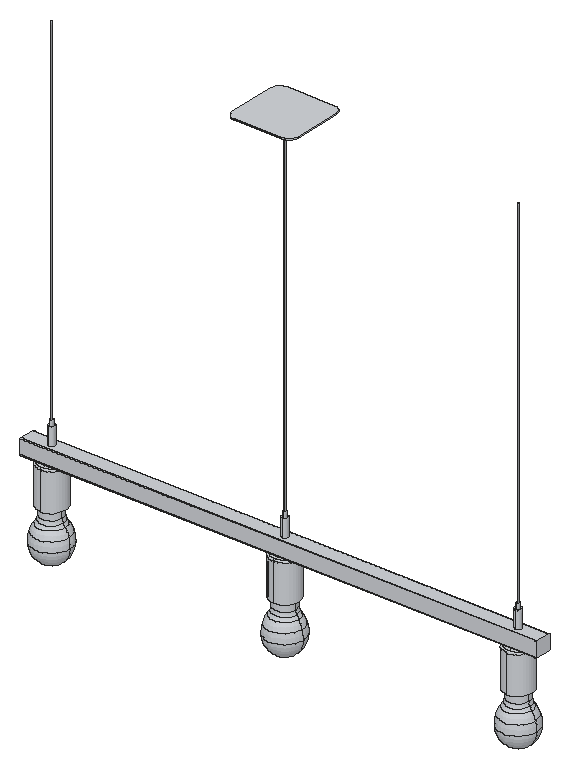
Revit family "BuzziSpace - BuzziSol - Retrofit", category Lighting Fixtures, host Ceiling, Revit 2019
Family settings
  Host = Ceiling
  Round Connector Dimension = Use Diameter
  Part Type = Normal
  OmniClass Number = 23.80.70.11
  OmniClass Title = Luminaries for Internal Lighting
  Always vertical = Yes
  Cut with Voids When Loaded = No
  Light Source = Yes
  Shared = No
  Room Calculation Point = No
Parameters (values of type "Trio")
  Width Toggle = 2
  Wattage = 12.1178 W
  built-in parameter 1150110 = 1 (stored number, unit not read)
  Trio = Width Toggle = 2  # yes
  built-in parameter 1114217 = 1 (stored number, unit not read)
  built-in parameter 1150109 = 1 (stored number, unit not read)
  built-in parameter 1150134 = (empty or 0)
  Suspension Length Control [instance] = if(Suspension Length > 16' 4 109/128", 16' 4 109/128", if(Suspension Length < 1' 0", 1' 0", Suspension Length))  # 2' - 0"
  Suspension Length [instance] = 2' - 0"
  built-in parameter 1150113 = 1 (stored number, unit not read)
  Solo = Width Toggle = 1  # no
  Quintet = Width Toggle = 3  # no
  Mounting [instance] = none
  Lumens = 1800 lm
  built-in parameter 1150115 = 1 (stored number, unit not read)
  built-in parameter 1150105 = 143.24 (stored number, unit not read)
  Light Suspension Length [instance] = Suspension Length Control + 0' 8"  # 2' - 8"
  Light Source Symbol Size = 2' - 0"
  built-in parameter 1150137 = (empty or 0)
  built-in parameter 1150139 = (empty or 0)
  built-in parameter 1150112 = 1 (stored number, unit not read)
  built-in parameter 1150114 = 1 (stored number, unit not read)
  built-in parameter 1150132 = 2
  built-in parameter 1150102 = (empty or 0)
  built-in parameter 1150138 = (empty or 0)
  built-in parameter 1150107 = 3000 (stored number, unit not read)
  built-in parameter 1150106 = 1.4324 (stored number, unit not read)
  Glass [instance] = none
  built-in parameter 1150104 = 13.8 (stored number, unit not read)
  Dimming Lamp Color Temperature Shift = <None>
  Color Filter = 16777215
  Cable [instance] = none
  built-in parameter 1114218 = 1 (stored number, unit not read)
  built-in parameter 1150133 = 10 (stored number, unit not read)
Types (3): name | Width Toggle | Trio | Solo | Quintet
  Solo | 1 | no | yes | no
  Trio | 2 | yes | no | no
  Quintet | 3 | no | no | yes
Reference planes (in)
  plane 1 "Light Source Axis (F/B)": y = 0
  plane 2 "Ceiling": z = 96
  plane 3 "Light Source Axis (L/R)": x = 0
  plane 4 "Light Source Elevation": z = 64
  plane 5: y = 0.492
  plane 6: y = -0.492
  plane 7 "Mask": z = 12
Lines and regions (in)
  Masking region 1, visible <- "Quintet"
    outline origin (0, 0, 12) x (0, -1, 0) y (1, 0, 0)
      loop
        line (-0.492, -30.501) -> (-0.492, -28.35204)
        arc (-0.492, -28.35204) -> (-1.17999, -29.42652) -> (-0.492, -30.501) r 1.18304
      loop
        arc (0.492, -30.501) -> (1.17999, -29.42652) -> (0.492, -28.35204) r 1.18304
        line (0.492, -28.35204) -> (0.492, -30.501)
  Masking region 2, visible <- "Trio"
    outline origin (14.71412, 0, 12) x (0, -1, 0) y (1, 0, 0)
      loop
        line (-0.492, -30.501) -> (-0.492, -28.35204)
        arc (-0.492, -28.35204) -> (-1.17999, -29.42652) -> (-0.492, -30.501) r 1.18304
      loop
        arc (0.492, -30.501) -> (1.17999, -29.42652) -> (0.492, -28.35204) r 1.18304
        line (0.492, -28.35204) -> (0.492, -30.501)
  Masking region 3, visible <- "Quintet"
    outline origin (0, 0, 12) x (-1, 0, 0) y (0, -1, 0)
      loop
        arc (-30.501, -0.492) -> (-29.42652, -1.17999) -> (-28.35204, -0.492) r 1.18304
        line (-28.35204, -0.492) -> (-30.501, -0.492)
      loop
        line (-30.501, 0.492) -> (-28.35204, 0.492)
        arc (-28.35204, 0.492) -> (-29.42652, 1.17999) -> (-30.501, 0.492) r 1.18304
  Masking region 4, visible <- "Trio"
    outline origin (-14.71412, 0, 12) x (-1, 0, 0) y (0, -1, 0)
      loop
        arc (-30.501, -0.492) -> (-29.42652, -1.17999) -> (-28.35204, -0.492) r 1.18304
        line (-28.35204, -0.492) -> (-30.501, -0.492)
      loop
        line (-30.501, 0.492) -> (-28.35204, 0.492)
        arc (-28.35204, 0.492) -> (-29.42652, 1.17999) -> (-30.501, 0.492) r 1.18304
  Masking region 5, visible <- "Quintet"
    outline origin (14.71412, 0, 12) x (0, -1, 0) y (1, 0, 0)
      loop
        line (-0.492, -30.501) -> (-0.492, -28.35204)
        arc (-0.492, -28.35204) -> (-1.17999, -29.42652) -> (-0.492, -30.501) r 1.18304
      loop
        arc (0.492, -30.501) -> (1.17999, -29.42652) -> (0.492, -28.35204) r 1.18304
        line (0.492, -28.35204) -> (0.492, -30.501)
  Masking region 6, visible <- "Quintet"
    outline origin (-14.71412, 0, 12) x (-1, 0, 0) y (0, -1, 0)
      loop
        arc (-30.501, -0.492) -> (-29.42652, -1.17999) -> (-28.35204, -0.492) r 1.18304
        line (-28.35204, -0.492) -> (-30.501, -0.492)
      loop
        line (-30.501, 0.492) -> (-28.35204, 0.492)
        arc (-28.35204, 0.492) -> (-29.42652, 1.17999) -> (-30.501, 0.492) r 1.18304
  Masking region 7, visible <- "Quintet"
    outline origin (29.42333, 0, 12) x (0, -1, 0) y (1, 0, 0)
      loop
        line (-0.492, -30.501) -> (-0.492, -28.35204)
        arc (-0.492, -28.35204) -> (-1.17999, -29.42652) -> (-0.492, -30.501) r 1.18304
      loop
        arc (0.492, -30.501) -> (1.17999, -29.42652) -> (0.492, -28.35204) r 1.18304
        line (0.492, -28.35204) -> (0.492, -30.501)
  Masking region 8, visible <- "Quintet"
    outline origin (0, 0, 12) x (0, -1, 0) y (1, 0, 0)
      loop
        line (-0.492, -31.0083) -> (0.492, -31.0083) -> (0.492, 31.0083) -> (-0.492, 31.0083) -> (-0.492, -31.0083)
  Masking region 9, visible <- "Trio"
    outline origin (0, 0, 12) x (0, -1, 0) y (1, 0, 0)
      loop
        line (-0.492, -16.34033) -> (0.492, -16.34033) -> (0.492, 16.34033) -> (-0.492, 16.34033) -> (-0.492, -16.34033)
  Masking region 10, visible <- "Trio"
    outline origin (29.42333, 0, 12) x (0, -1, 0) y (1, 0, 0)
      loop
        line (-0.492, -30.501) -> (-0.492, -28.35204)
        arc (-0.492, -28.35204) -> (-1.17999, -29.42652) -> (-0.492, -30.501) r 1.18304
      loop
        arc (0.492, -30.501) -> (1.17999, -29.42652) -> (0.492, -28.35204) r 1.18304
        line (0.492, -28.35204) -> (0.492, -30.501)
  symbolic lines, visible <- "Solo"
    curve 1: circle (0, 0, 12) r 1.18525 normal (0, 0, 1)
Dimensions and locks (in)
  equal spacing: host sketch curve, plane 3 "Light Source Axis (L/R)", host sketch curve
  equal spacing: host sketch curve, plane 1 "Light Source Axis (F/B)", host sketch curve
  host sketch curve to host sketch curve = 10' - 0"  (x2)
  "Suspension Length Control": plane 2 "Ceiling" to nested 1
  "Light Suspension Length": plane 2 "Ceiling" to plane 4 "Light Source Elevation"
  aligned and locked: plane 3 "Light Source Axis (L/R)" to imposter light
  aligned and locked: plane 1 "Light Source Axis (F/B)" to imposter light
  aligned and locked: plane 4 "Light Source Elevation" to imposter light
  aligned and locked: plane 2 "Ceiling" to nested 1
  aligned and locked: plane 5 to nested 1
  aligned and locked: plane 6 to nested 1
Automatic sketch dimensions
  Masking region 1 sketch curve to plane 5 = 0' - 0"
  plane 6 to Masking region 1 sketch curve = 0' - 0"
  Masking region 1 sketch curve to plane 1 "Light Source Axis (F/B)" = 0' - 0.00304"
  plane 1 "Light Source Axis (F/B)" to Masking region 1 sketch curve = 0' - 0.00304"
  Masking region 1 sketch curve to Masking region 1 sketch curve = 0' - 1.07448"
  Masking region 1 sketch curve to Masking region 1 sketch curve = 0' - 0"  (x2)
  Masking region 2 sketch curve to plane 5 = 0' - 0"
  plane 6 to Masking region 2 sketch curve = 0' - 0"
  Masking region 2 sketch curve to plane 1 "Light Source Axis (F/B)" = 0' - 0.00304"
  plane 1 "Light Source Axis (F/B)" to Masking region 2 sketch curve = 0' - 0.00304"
  Masking region 2 sketch curve to Masking region 2 sketch curve = 0' - 0"  (x2)
  Masking region 2 sketch curve to Masking region 2 sketch curve = 0' - 1.07448"
  Masking region 3 sketch curve to plane 5 = 0' - 0"
  plane 6 to Masking region 3 sketch curve = 0' - 0"
  plane 1 "Light Source Axis (F/B)" to Masking region 3 sketch curve = 0' - 0.00304"
  Masking region 3 sketch curve to Masking region 3 sketch curve = 0' - 1.07448"
  Masking region 3 sketch curve to plane 1 "Light Source Axis (F/B)" = 0' - 0.00304"
  Masking region 3 sketch curve to Masking region 3 sketch curve = 0' - 0"  (x2)
  Masking region 4 sketch curve to plane 5 = 0' - 0"
  plane 6 to Masking region 4 sketch curve = 0' - 0"
  Masking region 4 sketch curve to Masking region 4 sketch curve = 0' - 0"  (x2)
  plane 1 "Light Source Axis (F/B)" to Masking region 4 sketch curve = 0' - 0.00304"
  Masking region 4 sketch curve to Masking region 4 sketch curve = 0' - 1.07448"
  Masking region 4 sketch curve to plane 1 "Light Source Axis (F/B)" = 0' - 0.00304"
  Masking region 5 sketch curve to plane 5 = 0' - 0"
  plane 6 to Masking region 5 sketch curve = 0' - 0"
  Masking region 5 sketch curve to plane 1 "Light Source Axis (F/B)" = 0' - 0.00304"
  plane 1 "Light Source Axis (F/B)" to Masking region 5 sketch curve = 0' - 0.00304"
  Masking region 5 sketch curve to Masking region 5 sketch curve = 0' - 0"  (x2)
  Masking region 5 sketch curve to Masking region 5 sketch curve = 0' - 1.07448"
  Masking region 6 sketch curve to plane 5 = 0' - 0"
  plane 6 to Masking region 6 sketch curve = 0' - 0"
  Masking region 6 sketch curve to Masking region 6 sketch curve = 0' - 0"  (x2)
  plane 1 "Light Source Axis (F/B)" to Masking region 6 sketch curve = 0' - 0.00304"
  Masking region 6 sketch curve to Masking region 6 sketch curve = 0' - 1.07448"
  Masking region 6 sketch curve to plane 1 "Light Source Axis (F/B)" = 0' - 0.00304"
  Masking region 7 sketch curve to plane 5 = 0' - 0"
  plane 6 to Masking region 7 sketch curve = 0' - 0"
  Masking region 7 sketch curve to plane 1 "Light Source Axis (F/B)" = 0' - 0.00304"
  plane 1 "Light Source Axis (F/B)" to Masking region 7 sketch curve = 0' - 0.00304"
  Masking region 7 sketch curve to plane 3 "Light Source Axis (L/R)" = 0' - 1.07766"
  Masking region 7 sketch curve to Masking region 7 sketch curve = 0' - 0"
  Masking region 7 sketch curve to plane 3 "Light Source Axis (L/R)" = 0' - 0.00318"  (x2)
  Masking region 1 sketch curve to plane 3 "Light Source Axis (L/R)" = 2' - 6.501"
  Masking region 2 sketch curve to plane 3 "Light Source Axis (L/R)" = 1' - 3.78688"
  Masking region 5 sketch curve to plane 3 "Light Source Axis (L/R)" = 1' - 3.78688"
  plane 3 "Light Source Axis (L/R)" to Masking region 3 sketch curve = 2' - 6.501"
  plane 3 "Light Source Axis (L/R)" to Masking region 4 sketch curve = 1' - 3.78688"
  plane 3 "Light Source Axis (L/R)" to Masking region 6 sketch curve = 1' - 3.78688"
  Masking region 8 sketch curve to plane 5 = 0' - 0"
  plane 6 to Masking region 8 sketch curve = 0' - 0"
  Masking region 8 sketch curve to plane 3 "Light Source Axis (L/R)" = 2' - 7.0083"
  plane 3 "Light Source Axis (L/R)" to Masking region 8 sketch curve = 2' - 7.0083"
  Masking region 9 sketch curve to plane 5 = 0' - 0"
  plane 6 to Masking region 9 sketch curve = 0' - 0"
  Masking region 9 sketch curve to plane 3 "Light Source Axis (L/R)" = 1' - 4.34033"
  plane 3 "Light Source Axis (L/R)" to Masking region 9 sketch curve = 1' - 4.34033"
  Masking region 10 sketch curve to plane 5 = 0' - 0"
  plane 6 to Masking region 10 sketch curve = 0' - 0"
  Masking region 10 sketch curve to plane 1 "Light Source Axis (F/B)" = 0' - 0.00304"
  plane 1 "Light Source Axis (F/B)" to Masking region 10 sketch curve = 0' - 0.00304"
  Masking region 10 sketch curve to plane 3 "Light Source Axis (L/R)" = 0' - 1.07766"
  Masking region 10 sketch curve to Masking region 10 sketch curve = 0' - 0"
  Masking region 10 sketch curve to plane 3 "Light Source Axis (L/R)" = 0' - 0.00318"  (x2)
  plane 1 "Light Source Axis (F/B)" to curve 1 = 0' - 0"
  curve 1 to plane 3 "Light Source Axis (L/R)" = 0' - 0"
  radius of curve 1 = 0' - 1.18525"
Nested families (in)
  nested 1: "BuzziSol Light Frame Retrofit" at (0, 0, 63.29159), Suspension Length <- "Suspension Length Control", Cable <- "Cable", Glass <- "Glass", Mounting <- "Mounting", Width Toggle <- "Width Toggle", type "Mounting"
    with Width Toggle Control 2, Width Toggle 2, Width 2' - 8 173/256", Trio yes, Suspension Length 2' - 0", Solo Cable Adjustment 0' - 1 1/16", Solo no, Quintet no, Not Mounted no, Mounting none, Mounted yes, Light Width 2' - 5 133/256", Light Count 3, Light Array 3, Glass none, Cable none
Definition of nested family "BuzziSol Light Frame Retrofit"
  Parameters (values of type "Mounting")
    Width Toggle Control [instance] = if(Width Toggle < 1, 1, if(Width Toggle > 3, 3, Width Toggle))  # 1
    Width Toggle [instance] = 1
    Width [instance] = if(Quintet, 5' 2 3/256", 2' 8 173/256")  # 2' - 8 173/256"
    Trio [instance] = Width Toggle Control = 2  # no
    Suspension Length [instance] = 7' - 0"
    Solo Cable Adjustment [instance] = if(Solo, 0' 2 1/16", 0' 1 1/16")  # 0' - 2 1/16"
    Solo [instance] = Width Toggle Control = 1  # yes
    Quintet [instance] = Width Toggle Control = 3  # no
    Not Mounted [instance] = Solo  # yes
    Mounting [instance] = none
    Mounted [instance] = not(Solo)  # no
    Light Width [instance] = Width - 0' 3 5/32"  # 2' - 5 133/256"
    Light Count [instance] = if(Quintet, 5, 3)  # 3
    Light Array [instance] = Light Count  # 3
    Glass [instance] = none
    Cable [instance] = none
  Reference planes (in)
    plane 1 "Center Front/Back": y = 0
    plane 2: z = 0
    plane 3 "Center Left/Right": x = 0
    plane 4: x = -16.34033
    plane 5: y = 0.492
    plane 6: y = -0.492
    plane 7: x = 16.34033
    plane 8: z = 8.70841
    plane 9: z = 7.72415
    plane 10 "Left Light": x = -14.75977
    plane 11 "Right Light": x = 14.75977
    plane 12: z = 5.27897
    plane 13 "Center L/S": x = -7.37988
    plane 14 "Center L/W": x = 7.37988
    plane 15: z = 92.70841
  Forms (in)
    Extrusion 1, solid, material <- "Mounting", visible <- "Mounted"
      sketch origin (0, 0, 0) x (0, 1, 0) y (0, 0, 1)
        loop
          line (0.45535, 8.70841) -> (-0.4664, 8.70841)
          arc (-0.4664, 8.70841) -> (-0.4885, 8.69925) -> (-0.49765, 8.67716) r 0.03125
          line (-0.49765, 8.67716) -> (-0.49765, 7.7554)
          arc (-0.49765, 7.7554) -> (-0.4885, 7.73331) -> (-0.4664, 7.72415) r 0.03125
          line (-0.4664, 7.72415) -> (0.45535, 7.72415)
          arc (0.45535, 7.72415) -> (0.47745, 7.73331) -> (0.4866, 7.7554) r 0.03125
          line (0.4866, 7.7554) -> (0.4866, 8.67716)
          arc (0.4866, 8.67716) -> (0.47745, 8.69925) -> (0.45535, 8.70841) r 0.03125
      from -16.34033 to 16.34033
    Revolve 2, solid, material <- "Cable", visible <- "Mounted"
      sketch origin (-14.75977, -180, -12) x (0, 0, -1) y (0, -1, 0)
        loop
          line (-104.70841, -180) -> (-104.70841, -180.03125) -> (-22.10192, -180.03125) -> (-22.10192, -180.09907) -> (-21.77103, -180.09907) -> (-21.77103, -180.19837) -> (-20.70841, -180.19837) -> (-20.70841, -180) -> (-104.70841, -180)
        axis (-20.70841, -180) -> (-104.70841, -180)
      angle from 0 to 360
    Revolve 3, solid, material <- "Cable"
      sketch origin (0, 0, 0) x (0, 1, 0) y (0, 0, 1)
        loop
          line (0, 92.64981) -> (-0.03125, 92.64981) -> (-0.03125, 10.10192) -> (-0.09907, 10.10192) -> (-0.09907, 9.77103) -> (-0.19837, 9.77103) -> (-0.19837, 7.70853) -> (0, 7.70853) -> (0, 92.64981)
        axis (0, 7.70853) -> (0, 92.64981)
      angle from 0 to 360
    Revolve 4, solid, material <- "Cable", visible <- "Mounted"
      sketch origin (14.75977, -180, -12) x (0, 0, -1) y (0, -1, 0)
        loop
          line (-104.70841, -180) -> (-104.70841, -180.03125) -> (-22.10192, -180.03125) -> (-22.10192, -180.09907) -> (-21.77103, -180.09907) -> (-21.77103, -180.19837) -> (-20.70841, -180.19837) -> (-20.70841, -180) -> (-104.70841, -180)
        axis (-20.70841, -180) -> (-104.70841, -180)
      angle from 0 to 360
    Extrusion 5, solid, material <- "Cable"
      sketch origin (-29.52686, -180, 92.70841) x (-1, 0, 0) y (0, -1, 0)
        loop
          line (-28.05695, -177.9011) -> (-31.0097, -177.9011)
          arc (-31.0097, -177.9011) -> (-31.42728, -178.07407) -> (-31.60025, -178.49165) r 0.59055
          line (-31.60025, -178.49165) -> (-31.60025, -181.44441)
          arc (-31.60025, -181.44441) -> (-31.42728, -181.86199) -> (-31.0097, -182.03496) r 0.59055
          line (-31.0097, -182.03496) -> (-28.05695, -182.03496)
          arc (-28.05695, -182.03496) -> (-27.63936, -181.86199) -> (-27.46639, -181.44441) r 0.59055
          line (-27.46639, -181.44441) -> (-27.46639, -178.49165)
          arc (-27.46639, -178.49165) -> (-27.63936, -178.07407) -> (-28.05695, -177.9011) r 0.59055
      from 0 to -0.05859
  Dimensions and locks (in)
    equal spacing: plane 4, plane 3 "Center Left/Right", plane 7
    equal spacing: plane 5, plane 1 "Center Front/Back", plane 6
    locked: plane 4 to plane 10 "Left Light" at 1.58057
    locked: plane 7 to plane 11 "Right Light" at 1.58057
    "Light Width": plane 10 "Left Light" to plane 11 "Right Light"
    "Suspension Length": plane 15 to plane 8
    locked: plane 8 to level at 8.70841
    "Solo Cable Adjustment": Revolve 3 sketch curve to Revolve 3 sketch curve
    locked: Revolve 3 sketch curve to Revolve 3 sketch curve at 0.33089
    locked: Revolve 3 sketch curve to plane 9 at 2.04688
    equal spacing: group 2, group 3, group 1
    equal spacing: group 1, group 3, group 2  (x2)
    aligned and locked: level to plane 2
    aligned and locked: Extrusion 1 to plane 4
    aligned and locked: Extrusion 1 to plane 7
    aligned and locked: plane 15 to Revolve 2 sketch curve
    aligned and locked: plane 15 to Revolve 4 sketch curve
    aligned and locked: plane 15 to Extrusion 5
    aligned and locked: Extrusion 5 to Revolve 3 sketch curve
    aligned and locked: plane 11 "Right Light" to nested 2
    aligned and locked: nested 3 to plane 10 "Left Light"
  Automatic sketch dimensions
    Extrusion 1 sketch curve to plane 8 = 0' - 0"
    Extrusion 1 sketch curve to plane 9 = 0' - 0"
    plane 6 to Extrusion 1 sketch curve = 0' - 0.00565"
    Extrusion 1 sketch curve to plane 6 = 0' - 0.0256"  (x2)
    Extrusion 1 sketch curve to plane 5 = 0' - 0.03665"  (x2)
    Extrusion 1 sketch curve to plane 5 = 0' - 0.0054"
    Revolve 2 sketch curve to plane 1 "Center Front/Back" = 0' - 0"  (x2)
    Revolve 2 sketch curve to plane 8 = 0' - 0"
    Revolve 2 sketch curve to plane 1 "Center Front/Back" = 0' - 0.19837"
    plane 8 to Revolve 2 sketch curve = 0' - 1.06262"
    Revolve 2 sketch curve to plane 1 "Center Front/Back" = 0' - 0 1/32"
    Revolve 2 sketch curve to Revolve 2 sketch curve = 0' - 0.33089"
    Revolve 2 sketch curve to Revolve 2 sketch curve = 0' - 0.06782"
    plane 8 to Revolve 2 sketch curve = 0' - 0.00012"
    Revolve 2 sketch curve to Revolve 2 sketch curve = 0' - 0.05294"
    Revolve 4 sketch curve to plane 1 "Center Front/Back" = 0' - 0"  (x2)
    Revolve 4 sketch curve to plane 8 = 0' - 0"
    plane 1 "Center Front/Back" to Revolve 4 sketch curve = 0' - 0.19837"
    Revolve 4 sketch curve to plane 8 = 0' - 1.06262"
    plane 1 "Center Front/Back" to Revolve 4 sketch curve = 0' - 0 1/32"
    Revolve 4 sketch curve to Revolve 4 sketch curve = 0' - 0.33089"
    Revolve 4 sketch curve to Revolve 4 sketch curve = 0' - 0.06782"
    Revolve 4 sketch curve to plane 8 = 0' - 0.00012"
    Revolve 4 sketch curve to Revolve 4 sketch curve = 0' - 0.05294"
    plane 3 "Center Left/Right" to Extrusion 5 sketch curve = 0' - 2.07339"
    Extrusion 5 sketch curve to Extrusion 5 sketch curve = 0' - 0.59055"  (x3)
    plane 5 to Extrusion 5 sketch curve = 0' - 0.95241"
    Extrusion 5 sketch curve to plane 3 "Center Left/Right" = 0' - 1.46992"  (x2)
    plane 6 to Extrusion 5 sketch curve = 0' - 1.01635"  (x2)
    Revolve 3 sketch curve to plane 1 "Center Front/Back" = 0' - 0"  (x2)
    Revolve 3 sketch curve to plane 8 = 0' - 0"
    plane 1 "Center Front/Back" to Revolve 3 sketch curve = 0' - 0 1/32"
    Revolve 3 sketch curve to Revolve 3 sketch curve = 0' - 0.06782"
    plane 1 "Center Front/Back" to Revolve 3 sketch curve = 0' - 0.19837"
    Revolve 3 sketch curve to Revolve 3 sketch curve = 0' - 0.00553"
  Nested families (in)
    nested 1: "Light Source Retrofit" at (0, 0, -4.43991), visible <- "Solo", Glass <- "Glass", Metal Housing <- "Mounting", type "Retrofit"
      with Metal Housing none, Glass none
    nested 2: "Light Source Retrofit" at (14.75977, 0, -4.43991), visible <- "Mounted", Glass <- "Glass", Metal Housing <- "Mounting", type "Retrofit"
      with Metal Housing none, Glass none
    nested 3: "Light Source Retrofit" at (-14.75977, 0, -4.43991), visible <- "Mounted", Glass <- "Glass", Metal Housing <- "Mounting", type "Retrofit"
      with Metal Housing none, Glass none
    nested 4: "Light Source Retrofit" at (0, 0, -4.43991), visible <- "Mounted", Glass <- "Glass", Metal Housing <- "Mounting", type "Retrofit"
      with Metal Housing none, Glass none
  Definition of nested family "Light Source Retrofit"
    Parameters (values of type "Retrofit")
      Metal Housing [instance] = none
      Glass [instance] = none
    Reference planes (in)
      plane 1 "Light Source Axis (F/B)": y = 0
      plane 2: z = 0
      plane 3 "Light Source Axis (L/R)": x = 0
      plane 4 "Light Source Elevation": z = 54
      plane 5: z = 12.16406
    Forms (in)
      Revolve 1, solid, material <- "Metal Housing"
        sketch origin (0, 0, -4.37137) x (0, 1, 0) y (0, 0, 1)
          loop
            line (0, 16.53543) -> (0, 16.47293) -> (0.82333, 16.47293) -> (0.82333, 14.09449) -> (0.88583, 14.09449) -> (0.88583, 16.45426)
            arc (0.88583, 16.45426) -> (0.86205, 16.51166) -> (0.80465, 16.53543) r 0.08117
            line (0.80465, 16.53543) -> (0, 16.53543)
          axis (0, 16.53543) -> (0, 14.09449)
        angle from 0 to 360
      Revolve 2, solid, material <- "Glass"
        sketch origin (0, 0, 12.16406) x (1, 0, 0) y (0, 0, 1)
          loop
            line (0, -1.04122) -> (-0.18388, -1.04122) -> (-0.50358, -1.39628) -> (-0.50358, -2.2405) -> (-0.68036, -2.41727)
            arc (-0.68036, -2.41727) -> (-0.67096, -2.69354) -> (-0.68026, -2.96982) r 4.08786
            arc (-0.68026, -2.96982) -> (-0.69868, -3.10227) -> (-0.73557, -3.23081) r 0.9468
            arc (-0.73557, -3.23081) -> (-0.79055, -3.35352) -> (-0.86236, -3.46719) r 0.9468
            arc (-0.86236, -3.46719) -> (-1.00294, -3.69905) -> (-1.10004, -3.95221) r 1.51844
            arc (-1.10004, -3.95221) -> (-1.16074, -4.24035) -> (-1.1811, -4.53411) r 2.129
            arc (-1.1811, -4.53411) -> (-0.83517, -5.36927) -> (0, -5.71521) r 1.1811
            line (0, -5.71521) -> (0, -1.04122)
          axis (0, -1.04122) -> (0, -5.71521)
        angle from 0 to 360
    Dimensions and locks (in)
      aligned and locked: level to plane 2
